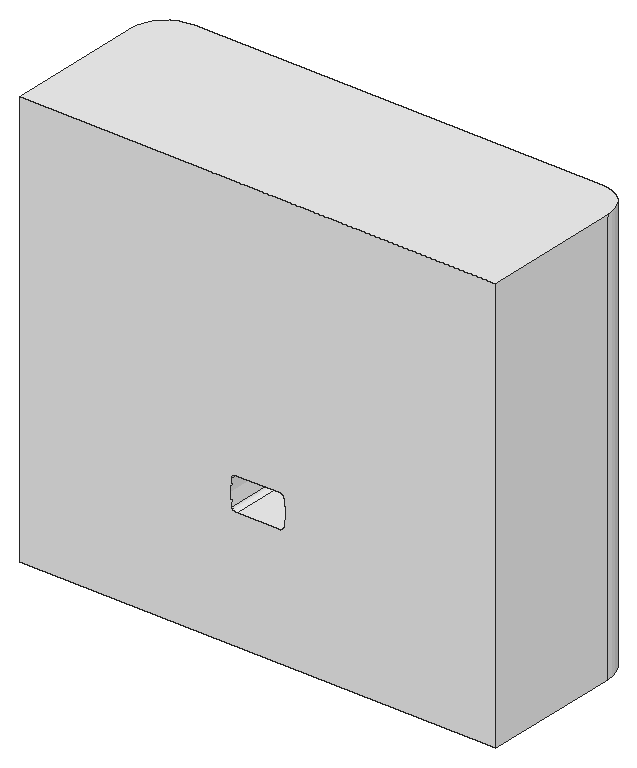
Revit family
Parameters (values of type "Dispenser_Soap_Reed")
  Subcategory = "Dispenser"  # constant formula
  Soap = Soap
  SmartBIM Object Version = 3  # constant formula
  SmartBIM Object Created By = "Reed Construction Data"  # constant formula
  Push Button Valve = Push Button
  Assembly Code = "C1030200"
  Aluminum = Aluminum
  95 CSI = "10810-200"
  04 CSI = "10 28 13 13"
Reference planes (in)
  plane 1: y = 0
  plane 2 "Center (Left/Right)": x = 0
  plane 3 "Back": y = 3
Forms (in)
  Extrusion 1, solid, material "Aluminum" <- "Aluminum"
    sketch origin (19.70165, -5.47864, 49) x (1, 0, 0) y (0, 1, 0)
      loop
        arc (-22.70165, 11.04114) -> (-23.0552, 10.89469) -> (-23.20165, 10.54114) r 0.5
        line (-23.20165, 10.54114) -> (-23.20165, 8.47864) -> (-16.20165, 8.47864) -> (-16.20165, 10.54114)
        arc (-16.20165, 10.54114) -> (-16.34809, 10.89469) -> (-16.70165, 11.04114) r 0.5
        line (-16.70165, 11.04114) -> (-22.70165, 11.04114)
    from 0 to 6.125
  Extrusion 2, void
    sketch origin (19.70165, -2.47864, -0.75) x (1, 0, 0) y (0, 0, 1)
      loop
        line (-19.38573, 52.00713) -> (-20.0162, 52.00713)
        arc (-20.0162, 52.00713) -> (-20.06391, 51.98977) -> (-20.08929, 51.9458) r 0.07422
        arc (-20.08929, 51.9458) -> (-20.10579, 51.75713) -> (-20.08929, 51.56847) r 1.08671
        arc (-20.08929, 51.56847) -> (-20.06391, 51.5245) -> (-20.0162, 51.50713) r 0.07422
        line (-20.0162, 51.50713) -> (-19.38708, 51.50713)
        arc (-19.38708, 51.50713) -> (-19.33938, 51.52449) -> (-19.31399, 51.56846) r 0.07422
        arc (-19.31399, 51.56846) -> (-19.29748, 51.75786) -> (-19.31425, 51.94724) r 1.08594
        arc (-19.31425, 51.94724) -> (-19.3391, 51.99018) -> (-19.38573, 52.00713) r 0.07261
    from -8.04114 to -5.47864
  Extrusion 3, solid, material "Glass"
    sketch origin (19.70165, 3, -0.75) x (1, 0, 0) y (0, 0, 1)
      loop
        arc (-19.31425, 51.94724) -> (-19.3391, 51.99018) -> (-19.38573, 52.00713) r 0.07261
        line (-19.38573, 52.00713) -> (-20.0162, 52.00713)
        arc (-20.0162, 52.00713) -> (-20.06391, 51.98977) -> (-20.08929, 51.9458) r 0.07422
        arc (-20.08929, 51.9458) -> (-20.10579, 51.75713) -> (-20.08929, 51.56847) r 1.08671
        arc (-20.08929, 51.56847) -> (-20.06391, 51.5245) -> (-20.0162, 51.50713) r 0.07422
        line (-20.0162, 51.50713) -> (-19.38708, 51.50713)
        arc (-19.38708, 51.50713) -> (-19.33938, 51.52449) -> (-19.31399, 51.56846) r 0.07422
        arc (-19.31399, 51.56846) -> (-19.29748, 51.75786) -> (-19.31425, 51.94724) r 1.08594
    from -2.5625 to -2.46165
  Extrusion 4, solid, material "Push Button" <- "Push Button Valve"
    sketch origin (19.70165, 5.8125, -1.40625) x (1, 0, 0) y (0, 0, 1)
      loop
        line (-19.49852, 51.15305) -> (-19.90477, 51.15305)
        arc (-19.90477, 51.15305) -> (-19.93791, 51.13932) -> (-19.95164, 51.10617) r 0.04688
        line (-19.95164, 51.10617) -> (-19.95164, 50.70087)
        arc (-19.95164, 50.70087) -> (-19.93763, 50.66706) -> (-19.90382, 50.65305) r 0.04782
        line (-19.90382, 50.65305) -> (-19.49852, 50.65305)
        arc (-19.49852, 50.65305) -> (-19.46537, 50.66678) -> (-19.45164, 50.69992) r 0.04688
        line (-19.45164, 50.69992) -> (-19.45164, 51.10617)
        arc (-19.45164, 51.10617) -> (-19.46537, 51.13932) -> (-19.49852, 51.15305) r 0.04688
    from -0.1315 to 0.25
  Extrusion 5, solid, material "Push Button" <- "Push Button Valve"
    sketch origin (19.70165, 6.3125, -1.40625) x (1, 0, 0) y (0, 0, 1)
      loop
        arc (-20.0162, 51.27276) -> (-20.14426, 51.22615) -> (-20.21239, 51.10812) r 0.19922
        arc (-20.21239, 51.10812) -> (-20.23079, 50.89776) -> (-20.21239, 50.68739) r 1.21171
        arc (-20.21239, 50.68739) -> (-20.14426, 50.56937) -> (-20.0162, 50.52276) r 0.19922
        line (-20.0162, 50.52276) -> (-19.38708, 50.52276)
        arc (-19.38708, 50.52276) -> (-19.25904, 50.56936) -> (-19.19089, 50.68736) r 0.19922
        arc (-19.19089, 50.68736) -> (-19.17248, 50.89857) -> (-19.19118, 51.10974) r 1.21094
        arc (-19.19118, 51.10974) -> (-19.25882, 51.22662) -> (-19.38573, 51.27276) r 0.19761
        line (-19.38573, 51.27276) -> (-20.0162, 51.27276)
    from 0 to 0.3685
  Extrusion 6, solid, material "Soap" <- "Soap"
    sketch origin (0, 3, 0) x (1, 0, 0) y (0, 0, 1)
      loop
        line (0.39508, 50.96026) -> (-0.39505, 50.96026)
        arc (-0.39505, 50.96026) -> (-0.38958, 50.89205) -> (-0.37983, 50.82432) r 1.08671
        arc (-0.37983, 50.82432) -> (-0.35445, 50.78036) -> (-0.30674, 50.76299) r 0.07422
        line (-0.30674, 50.76299) -> (0.30675, 50.76299)
        arc (0.30675, 50.76299) -> (0.35445, 50.78035) -> (0.37984, 50.82431) r 0.07422
        arc (0.37984, 50.82431) -> (0.3896, 50.89205) -> (0.39508, 50.96026) r 1.08594
    from -2.46165 to -2.342
Cuts and joins
  Extrusion 2 cuts Extrusion 1
Text (in)
  text "Placement Side" at (0, 40.15149, 123.01588), in view "Right"
  text "Placement Side" at (-58.6842, 42.74981, 0), in view "Ref. Level"
  text "Placement Side" at (0, 47.49176, 140.59947), in view "Left"
Dimensions and locks (in)
  locked: plane 3 "Back" to host wall
  locked: Extrusion 3 sketch curve to Extrusion 3 sketch curve at 0.77505
  locked: Extrusion 4 sketch curve to Extrusion 4 sketch curve at 0.5  (x2)
  locked: cut or joined group of Extrusion 1, Extrusion 2 to cut or joined group of Extrusion 1, Extrusion 2 at 0.5
  locked: Extrusion 5 sketch curve to Extrusion 5 sketch curve at 1.02122
  locked: Extrusion 5 sketch curve to Extrusion 5 sketch curve at 0.75
  locked: Extrusion 3 to Extrusion 3 at 0.10085
  locked: Extrusion 4 to Extrusion 4 at 0.3815
  locked: Extrusion 5 to Extrusion 5 at 0.3685
  aligned and locked: cut or joined group of Extrusion 1, Extrusion 2 to Extrusion 3
  aligned and locked: Extrusion 3 to cut or joined group of Extrusion 1, Extrusion 2
  aligned and locked: Extrusion 4 to cut or joined group of Extrusion 1, Extrusion 2
  aligned and locked: Extrusion 2 to Extrusion 3
  aligned and locked: Extrusion 2 to host wall
  aligned and locked: Extrusion 5 to Extrusion 4  (x6)
